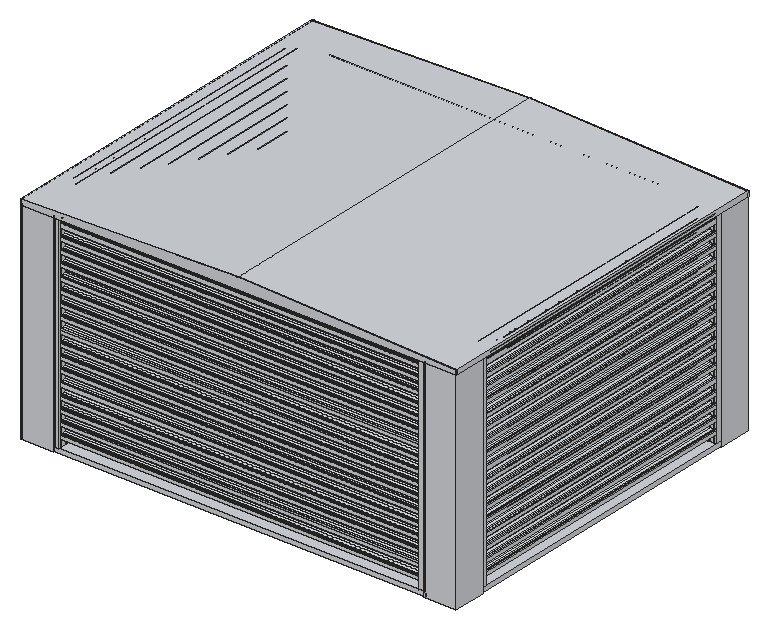
Revit family "PSED-5.1", category Mechanical Equipment, Revit 2015
Parameters
  URL = "https://unitedenertech.com/catalog/pdf/B_4%20PSED-5.1.pdf"
  Type Comments = "Louvers will split to Multi Section Assemblies if Max. Sizes are Exceeded. See SED-5.1 Submittal for Max. Size Listings."
  Model = "PSED-5.1"
  Manufacturer = "United Enertech Corporation"
  Louver Height [instance] = Height  # 3' - 0"
  Louver B Width [instance] = B + 0' 3"  # 4' - 3"
  Louver A Width [instance] = A + 0' 3"  # 5' - 3"
  Keynote = "Max. Preassembled Size is 72\"w x 220\"l x 80\"h"
  Height = 3' - 0"
  Description = "High Performance Penthouse 5\""
  B Roof [instance] = B Side O.D. + 0' 0 1/4"  # 5' - 1 1/2"
  B Side O.D. [instance] = Louver B Width + 0' 10 1/4"  # 5' - 1 1/4"
  B = 4' - 0"
  A Roof [instance] = A Side O.D. + 0' 0 1/4"  # 6' - 1 1/2"
  A Side O.D. [instance] = Louver A Width + 0' 10 1/4"  # 6' - 1 1/4"
  A = 5' - 0"
Reference planes (in)
  plane 1 "Center (Front/Back)": y = 0
  plane 2: z = 0
  plane 3 "Center (Left/Right)": x = 0
  plane 4: x = -36.625
  plane 5: y = 30.625
  plane 6: x = 36.625
  plane 7: y = -30.625
  plane 8: z = 18
  plane 9: z = 54.22
  plane 10: z = 18.22
  plane 11: y = 24
  plane 12: y = -24
  plane 13: x = -30
  plane 14: x = 30
Forms (in)
  Extrusion 1, solid
    sketch origin (39.9625, 19.9659, 0) x (1, 0, 0) y (0, 1, 0)
      loop
        line (-76.6775, 5.2491) -> (-76.5875, 5.2491) -> (-76.5875, 10.6591) -> (-71.1775, 10.6591) -> (-71.1775, 10.7491) -> (-76.6775, 10.7491) -> (-76.6775, 5.2491)
    from 18.22 to 54.22
  Extrusion 2, solid
    sketch origin (-39.9625, 19.9659, 0) x (-1, 0, 0) y (0, -1, 0)
      loop
        line (-76.6775, -5.2491) -> (-76.6775, -10.7491) -> (-71.1775, -10.7491) -> (-71.1775, -10.6591) -> (-76.5875, -10.6591) -> (-76.5875, -5.2491) -> (-76.6775, -5.2491)
    from 18.22 to 54.22
  Extrusion 3, solid
    sketch origin (39.9625, -19.9659, 0) x (1, 0, 0) y (0, 1, 0)
      loop
        line (-76.6775, -5.2491) -> (-76.6775, -10.7491) -> (-71.1775, -10.7491) -> (-71.1775, -10.6591) -> (-76.5875, -10.6591) -> (-76.5875, -5.2491) -> (-76.6775, -5.2491)
    from 18.22 to 54.22
  Extrusion 4, solid
    sketch origin (-39.9625, -19.9659, 0) x (-1, 0, 0) y (0, -1, 0)
      loop
        line (-76.6775, 5.2491) -> (-76.5875, 5.2491) -> (-76.5875, 10.6591) -> (-71.1775, 10.6591) -> (-71.1775, 10.7491) -> (-76.6775, 10.7491) -> (-76.6775, 5.2491)
    from 18.22 to 54.22
Dimensions and locks (in)
  equal spacing: plane 4, plane 3 "Center (Left/Right)", plane 6
  "A Side O.D.": plane 4 to plane 6
  equal spacing: plane 5, plane 1 "Center (Front/Back)", plane 7
  "B Side O.D.": plane 5 to plane 7
  locked: plane 8 to plane 10 at 0.22
  "Height": plane 10 to plane 9
  equal spacing: plane 12, plane 1 "Center (Front/Back)", plane 11
  "B": plane 12 to plane 11
  equal spacing: plane 13, plane 3 "Center (Left/Right)", plane 14
  "A": plane 13 to plane 14
  aligned and locked: level to plane 2
  aligned and locked: plane 10 to Extrusion 1
  aligned and locked: plane 9 to Extrusion 1
  aligned and locked: Extrusion 2 to plane 5
  aligned and locked: plane 7 to Extrusion 3
  aligned and locked: plane 10 to Extrusion 2
  aligned and locked: plane 9 to Extrusion 2
  aligned and locked: plane 10 to Extrusion 3
  aligned and locked: plane 9 to Extrusion 3
  aligned and locked: plane 10 to Extrusion 4
  aligned and locked: plane 9 to Extrusion 4
  aligned and locked: plane 1 "Center (Front/Back)" to nested 1
  aligned and locked: plane 3 "Center (Left/Right)" to nested 1
  aligned and locked: plane 9 to nested 1
  aligned and locked: plane 3 "Center (Left/Right)" to nested 3
  aligned and locked: plane 11 to nested 3
  aligned and locked: nested 4 to plane 12
  aligned and locked: plane 1 "Center (Front/Back)" to nested 2
  aligned and locked: plane 14 to nested 2
  aligned and locked: nested 5 to plane 13
  aligned and locked: nested 4 to plane 8
  aligned and locked: nested 5 to plane 8
  aligned and locked: plane 8 to nested 3
  aligned and locked: plane 8 to nested 2
  aligned and locked: plane 3 "Center (Left/Right)" to nested 6
  aligned and locked: nested 6 to plane 7
  aligned and locked: plane 10 to nested 6
  aligned and locked: nested 7 to plane 1 "Center (Front/Back)"
  aligned and locked: plane 6 to nested 7
  aligned and locked: plane 10 to nested 7
  aligned and locked: plane 10 to nested 9
  aligned and locked: plane 10 to nested 8
  aligned and locked: plane 1 "Center (Front/Back)" to nested 9
  aligned and locked: plane 4 to nested 9
  aligned and locked: nested 8 to plane 3 "Center (Left/Right)"
  aligned and locked: plane 5 to nested 8
Automatic sketch dimensions
  Extrusion 1 sketch curve to plane 4 = 0' - 0"
  Extrusion 1 sketch curve to plane 5 = 0' - 0"
  Extrusion 1 sketch curve to Extrusion 1 sketch curve = 0' - 0.09"
  plane 5 to Extrusion 1 sketch curve = 0' - 0.09"
  Extrusion 2 sketch curve to plane 5 = 0' - 0"
  Extrusion 2 sketch curve to plane 6 = 0' - 0"
  Extrusion 2 sketch curve to Extrusion 2 sketch curve = 0' - 0.09"
  Extrusion 2 sketch curve to plane 5 = 0' - 0.09"
  Extrusion 3 sketch curve to plane 4 = 0' - 0"
  Extrusion 3 sketch curve to plane 7 = 0' - 0"
  Extrusion 3 sketch curve to Extrusion 3 sketch curve = 0' - 0.09"
  plane 7 to Extrusion 3 sketch curve = 0' - 0.09"
  Extrusion 4 sketch curve to plane 6 = 0' - 0"
  Extrusion 4 sketch curve to plane 7 = 0' - 0"
  Extrusion 4 sketch curve to Extrusion 4 sketch curve = 0' - 0.09"
  Extrusion 4 sketch curve to plane 7 = 0' - 0.09"
  Extrusion 3 sketch curve to plane 7 = 0' - 5.41"
  plane 7 to Extrusion 4 sketch curve = 0' - 5.41"
  Extrusion 1 sketch curve to plane 5 = 0' - 5.41"
  plane 5 to Extrusion 2 sketch curve = 0' - 5.41"
  plane 6 to Extrusion 2 sketch curve = 0' - 5.41"
  Extrusion 4 sketch curve to plane 6 = 0' - 5.41"
  Extrusion 1 sketch curve to plane 4 = 0' - 5.41"
  plane 4 to Extrusion 3 sketch curve = 0' - 5.41"
Nested families (in)
  nested 1: "Roof" at (0, 0, 53.72), type "Roof"
    with B 5' - 1 1/2", A 6' - 1 1/2"
  nested 2: "Curb Cap Side 2" at (34.875, 0, -0.21007) x (0, -1, 0) z (0, 0, 1), type "Curb Cap Side 2"
    with Width 4' - 0"
  nested 3: "Curb Cap" at (0, 28.875, -0.21007), type "Curb Cap"
  nested 4: "Curb Cap" at (0, -28.875, -0.21007), type "Curb Cap"
  nested 5: "Curb Cap Side 2" at (-34.875, 0, -0.21007) x (0, -1, 0) z (0, 0, 1), type "Curb Cap Side 2"
    with Width 4' - 0"
  nested 6: "DCSED-5.1" at (0, -30.625, 18.22), type "DCSED-5.1"
    with Blade Number 16, BW 5' - 0 7/8", Exact Width 5' - 3", Exact Height 3' - 0"
  nested 7: "Louver 2" at (36.625, 0, 18.22) x (0, 1, 0) z (0, 0, 1), type "Louver 2"
    with Blade Number 16, BW 4' - 0 7/8", Exact Width 4' - 3", Exact Height 3' - 0"
  nested 8: "DCSED-5.1" at (0, 30.625, 18.22) x (-1, 0, 0) z (0, 0, 1), type "DCSED-5.1"
    with Blade Number 16, BW 5' - 0 7/8", Exact Width 5' - 3", Exact Height 3' - 0"
  nested 9: "Louver 2" at (-36.625, 0, 18.22) x (0, -1, 0) z (0, 0, 1), type "Louver 2"
    with Blade Number 16, BW 4' - 0 7/8", Exact Width 4' - 3", Exact Height 3' - 0"
Definition of nested family "Roof"
  Parameters (values of type "Roof")
    B = 6' - 0"
    A = 7' - 0"
  Reference planes (in)
    plane 1 "Center (Front/Back)": y = 0
    plane 2: z = 0
    plane 3 "Center (Left/Right)": x = 0
    plane 4: x = -42
    plane 5: x = 42
    plane 6: y = -36
    plane 7: y = 36
    plane 8: z = 0.5
    plane 9: z = 2
    plane 10: y = -36.05
    plane 11: y = 36.05
    plane 12: x = -42.05
    plane 13: x = 42.05
  Forms (in)
    Extrusion 1, solid
      sketch origin (0, 0, 0) x (-1, 0, 0) y (0, 0, -1)
        loop
          line (42, 0) -> (42, -0.75115) -> (0, -1.94916) -> (-42, -0.75115) -> (-42, 0) -> (-42.05078, 0) -> (-42.05078, -0.79946) -> (0, -2) -> (42.05078, -0.79946) -> (42.05078, 0) -> (42, 0)
      from -36.05 to 36.05
    Extrusion 2, solid
      sketch origin (0, 0, 0) x (1, 0, 0) y (0, 0, 1)
        loop
          line (42, 0) -> (42.05078, 0) -> (42.05078, 0.79946) -> (0, 2) -> (-42.05078, 0.79946) -> (-42.05078, 0) -> (-42, 0) -> (42, 0)
      from -36.05 to -36
    Extrusion 3, solid
      sketch origin (0, 0, 0) x (1, 0, 0) y (0, 0, -1)
        loop
          line (42, 0) -> (-42, 0) -> (-42.05078, 0) -> (-42.05078, -0.79946) -> (0, -2) -> (42.05078, -0.79946) -> (42.05078, 0) -> (42, 0)
      from -36 to -36.05
  Dimensions and locks (in)
    equal spacing: plane 4, plane 3 "Center (Left/Right)", plane 5
    "A": plane 4 to plane 5
    equal spacing: plane 7, plane 1 "Center (Front/Back)", plane 6
    "B": plane 7 to plane 6
    locked: plane 8 to level at 0.5
    locked: plane 9 to plane 8 at 1.5
    locked: plane 10 to plane 6 at 0.05
    locked: plane 11 to plane 7 at 0.05
    locked: plane 12 to plane 4 at 0.05
    locked: plane 5 to plane 13 at 0.05
    aligned and locked: level to plane 2
    aligned and locked: plane 10 to Extrusion 1
    aligned and locked: Extrusion 1 to plane 11
    aligned and locked: Extrusion 2 to plane 11
    aligned and locked: Extrusion 2 to plane 7
    aligned and locked: plane 10 to Extrusion 3
    aligned and locked: plane 6 to Extrusion 3
  Automatic sketch dimensions
    Extrusion 1 sketch curve to level = 0' - 0"  (x2)
    Extrusion 1 sketch curve to plane 5 = 0' - 0"
    Extrusion 1 sketch curve to plane 3 "Center (Left/Right)" = 0' - 0"  (x2)
    Extrusion 1 sketch curve to plane 4 = 0' - 0"
    Extrusion 1 sketch curve to plane 9 = 0' - 0"
    Extrusion 1 sketch curve to plane 13 = 0' - 0.00078"
    Extrusion 1 sketch curve to plane 12 = 0' - 0.00078"
    Extrusion 1 sketch curve to Extrusion 1 sketch curve = 0' - 0.05084"
    plane 8 to Extrusion 1 sketch curve = 0' - 0.29946"  (x2)
    Extrusion 1 sketch curve to Extrusion 1 sketch curve = 0' - 0.04831"  (x2)
    Extrusion 2 sketch curve to level = 0' - 0"
    Extrusion 2 sketch curve to plane 4 = 0' - 0"
    Extrusion 2 sketch curve to plane 3 "Center (Left/Right)" = 0' - 0"
    Extrusion 2 sketch curve to plane 5 = 0' - 0"
    Extrusion 2 sketch curve to plane 9 = 0' - 0"
    Extrusion 2 sketch curve to plane 12 = 0' - 0.00078"
    Extrusion 2 sketch curve to plane 13 = 0' - 0.00078"
    plane 8 to Extrusion 2 sketch curve = 0' - 0.29946"  (x2)
    Extrusion 3 sketch curve to level = 0' - 0"
    Extrusion 3 sketch curve to plane 4 = 0' - 0"
    Extrusion 3 sketch curve to plane 3 "Center (Left/Right)" = 0' - 0"
    Extrusion 3 sketch curve to plane 5 = 0' - 0"
    Extrusion 3 sketch curve to plane 9 = 0' - 0"
    Extrusion 3 sketch curve to plane 12 = 0' - 0.00078"
    Extrusion 3 sketch curve to plane 13 = 0' - 0.00078"
    plane 8 to Extrusion 3 sketch curve = 0' - 0.29946"  (x2)
Definition of nested family "Curb Cap Side 2"
  Parameters (values of type "Curb Cap Side 2")
    Width = 5' - 0"
    C = 1' - 6"
  Reference planes (in)
    plane 1 "Center (Front/Back)": y = 0
    plane 2: z = 0
    plane 3 "Center (Left/Right)": x = 0
    plane 4: x = -30
    plane 5: x = 30
    plane 6: x = 33
    plane 7: x = -33
  Forms (in)
    Extrusion 1, solid
      sketch origin (0, -0.3745, -0.23056) x (0, 1, 0) y (0, 0, 1)
        loop
          line (-4.5005, 18.44062) -> (-4.5005, 21.44062) -> (-4.6051, 21.44062) -> (-4.6051, 18.33516) -> (-2.35597, 18.33516) -> (-2.35597, 16.33516) -> (-2.2505, 16.33516) -> (-2.2505, 18.44062) -> (-4.5005, 18.44062)
      from -33 to 33
    Extrusion 2, void
      sketch origin (0, -4.875, 0) x (1, 0, 0) y (0, 1, 0)
        loop
          line (-33, 3) -> (-33, -10.08148) -> (-19.91852, -10.08148) -> (-33, 3)
      from 0 to 87.42667
    Extrusion 3, void
      sketch origin (0, -4.875, 0) x (-1, 0, 0) y (0, -1, 0)
        loop
          line (-33, -3) -> (-19.91852, 10.08148) -> (-33, 10.08148) -> (-33, -3)
      from 0 to 87.42667
  Cuts and joins
    Extrusion 2, Extrusion 3 cuts Extrusion 1
  Dimensions and locks (in)
    equal spacing: plane 4, plane 3 "Center (Left/Right)", plane 5
    "Width": plane 4 to plane 5
    locked: plane 5 to plane 6 at 3
    locked: plane 7 to plane 4 at 3
    angle Extrusion 2 sketch curve to Extrusion 2 sketch curve = 45.00°
    angle Extrusion 3 sketch curve to Extrusion 3 sketch curve = 45.00°
    aligned and locked: level to plane 2
    aligned and locked: plane 7 to Extrusion 2 sketch curve
    aligned and locked: Extrusion 3 sketch curve to plane 6
    aligned and locked: cut or joined group of Extrusion 1, Extrusion 2, Extrusion 3 to plane 7
    aligned and locked: cut or joined group of Extrusion 1, Extrusion 2, Extrusion 3 to plane 6
  Automatic sketch dimensions
    plane 4 to Extrusion 2 sketch curve = 0' - 10.08148"
    plane 1 "Center (Front/Back)" to Extrusion 2 sketch curve = 1' - 2.95648"
    plane 5 to Extrusion 3 sketch curve = 0' - 10.08148"
    Extrusion 3 sketch curve to plane 1 "Center (Front/Back)" = 1' - 2.95648"
    plane 1 "Center (Front/Back)" to Extrusion 1 sketch curve = 0' - 4.9796"
    Extrusion 1 sketch curve to Extrusion 1 sketch curve = 0' - 0.1046"
    Extrusion 1 sketch curve to Extrusion 1 sketch curve = 0' - 2 37/256"
    Extrusion 1 sketch curve to Extrusion 1 sketch curve = 0' - 0 27/256"  (x2)
    level to Extrusion 1 sketch curve = 1' - 6.1046"
    Extrusion 1 sketch curve to Extrusion 1 sketch curve = 0' - 3"
    Extrusion 1 sketch curve to Extrusion 1 sketch curve = 0' - 2"
Definition of nested family "Curb Cap"
  Parameters (values of type "Curb Cap")
    Width = 5' - 0"
    C = 1' - 6"
  Reference planes (in)
    plane 1 "Center (Front/Back)": y = 0
    plane 2: z = 0
    plane 3 "Center (Left/Right)": x = 0
    plane 4: x = -30
    plane 5: x = 30
    plane 6: x = 33
    plane 7: x = -33
  Forms (in)
    Extrusion 1, solid
      sketch origin (0, -0.3745, -0.23056) x (0, 1, 0) y (0, 0, 1)
        loop
          line (-4.5005, 18.44062) -> (-4.5005, 21.44062) -> (-4.6051, 21.44062) -> (-4.6051, 18.33516) -> (-2.35597, 18.33516) -> (-2.35597, 16.33516) -> (-2.2505, 16.33516) -> (-2.2505, 18.44062) -> (-4.5005, 18.44062)
      from -33 to 33
    Extrusion 2, void
      sketch origin (0, -4.875, 0) x (1, 0, 0) y (0, 1, 0)
        loop
          line (-33, 3) -> (-33, -10.08148) -> (-19.91852, -10.08148) -> (-33, 3)
      from 0 to 87.42667
    Extrusion 3, void
      sketch origin (0, -4.875, 0) x (-1, 0, 0) y (0, -1, 0)
        loop
          line (-33, -3) -> (-19.91852, 10.08148) -> (-33, 10.08148) -> (-33, -3)
      from 0 to 87.42667
  Cuts and joins
    Extrusion 2, Extrusion 3 cuts Extrusion 1
  Dimensions and locks (in)
    equal spacing: plane 4, plane 3 "Center (Left/Right)", plane 5
    "Width": plane 4 to plane 5
    locked: plane 5 to plane 6 at 3
    locked: plane 7 to plane 4 at 3
    angle Extrusion 2 sketch curve to Extrusion 2 sketch curve = 45.00°
    angle Extrusion 3 sketch curve to Extrusion 3 sketch curve = 45.00°
    aligned and locked: level to plane 2
    aligned and locked: plane 7 to Extrusion 2 sketch curve
    aligned and locked: Extrusion 3 sketch curve to plane 6
    aligned and locked: cut or joined group of Extrusion 1, Extrusion 2, Extrusion 3 to plane 7
    aligned and locked: cut or joined group of Extrusion 1, Extrusion 2, Extrusion 3 to plane 6
  Automatic sketch dimensions
    plane 4 to Extrusion 2 sketch curve = 0' - 10.08148"
    plane 1 "Center (Front/Back)" to Extrusion 2 sketch curve = 1' - 2.95648"
    plane 5 to Extrusion 3 sketch curve = 0' - 10.08148"
    Extrusion 3 sketch curve to plane 1 "Center (Front/Back)" = 1' - 2.95648"
    plane 1 "Center (Front/Back)" to Extrusion 1 sketch curve = 0' - 4.9796"
    Extrusion 1 sketch curve to Extrusion 1 sketch curve = 0' - 0.1046"
    Extrusion 1 sketch curve to Extrusion 1 sketch curve = 0' - 2 37/256"
    Extrusion 1 sketch curve to Extrusion 1 sketch curve = 0' - 0 27/256"  (x2)
    level to Extrusion 1 sketch curve = 1' - 6.1046"
    Extrusion 1 sketch curve to Extrusion 1 sketch curve = 0' - 3"
    Extrusion 1 sketch curve to Extrusion 1 sketch curve = 0' - 2"
Definition of nested family "DCSED-5.1"
  Parameters (values of type "DCSED-5.1")
    URL = "http://unitedenertech.com/catalog/pdf/A_23%20DCSED-5.1.pdf"
    Type Comments = "Max. Single Section Size is (72\"w x 120\"h up to 60psf) and (72\"w x 84\"h up to 150 psf)"
    Model = "DCSED-5.1"
    Manufacturer = "United Enertech Corporation"
    Exact Width = 4' - 0"
    Exact Height = 4' - 0"
    Description = "5\" Deep Wind Driven Rain Hurricane Louver"
    Depth = 0' - 5 3/32"
    Blade Spacing = 0' - 2"
    Blade Number [instance] = rounddown((Exact Height - 0' 2 7/16") / 0' 2")  # 22
    BW [instance] = Exact Width - 0' 2 1/8"  # 3' - 9 7/8"
  Reference planes (in)
    plane 1 "Center (Front/Back)": y = 0
    plane 2: z = 0
    plane 3 "Center (Left/Right)": x = 0
    plane 4: x = -24
    plane 5: x = 24
    plane 6: z = 48
    plane 7: x = -22.9375
    plane 8: x = 22.9375
    plane 9: z = 0.75
    plane 10: y = 5.09375
    plane 11: z = 46.3209
  Forms (in)
    Extrusion 1, solid
      sketch origin (-6.10759, 42.81218, 0) x (0, 1, 0) y (-1, 0, 0)
        loop
          line (-42.73018, 16.79991) -> (-42.73018, 17.54241) -> (-42.48018, 17.54241) -> (-42.48018, 16.82996) -> (-42.41736, 16.82996) -> (-42.41736, 17.15416) -> (-42.24218, 17.15416) -> (-42.24218, 16.82991) -> (-41.47643, 16.82991) -> (-41.47643, 17.15405) -> (-41.32043, 17.15405) -> (-41.32043, 16.82976) -> (-41.25793, 16.82976) -> (-41.25793, 17.15405) -> (-41.10193, 17.15405) -> (-41.10193, 16.82976) -> (-41.03943, 16.82976) -> (-41.03943, 17.15405) -> (-40.88343, 17.15405) -> (-40.88343, 16.82976) -> (-40.82093, 16.82976) -> (-40.82093, 17.15405) -> (-40.66493, 17.15405) -> (-40.66493, 16.82976) -> (-40.60243, 16.82976) -> (-40.60243, 17.15405) -> (-40.44643, 17.15405) -> (-40.44643, 16.82976) -> (-40.38393, 16.82976) -> (-40.38393, 17.15405) -> (-40.22793, 17.15405) -> (-40.22793, 16.82976) -> (-40.16543, 16.82976) -> (-40.16543, 17.15405) -> (-40.00943, 17.15405) -> (-40.00943, 16.82976) -> (-39.94693, 16.82976) -> (-39.94693, 17.15405) -> (-39.79093, 17.15405) -> (-39.79093, 16.82976) -> (-39.72843, 16.82976) -> (-39.72843, 17.15405) -> (-39.57243, 17.15405) -> (-39.57243, 16.82976) -> (-39.50993, 16.82976) -> (-39.50993, 17.15405) -> (-39.35393, 17.15405) -> (-39.35393, 16.82976) -> (-39.29143, 16.82976) -> (-39.29143, 17.15405) -> (-39.13543, 17.15405) -> (-39.13543, 16.82991) -> (-38.36968, 16.82991) -> (-38.36968, 17.15416) -> (-38.19449, 17.15416) -> (-38.19449, 16.82996) -> (-38.13168, 16.82996) -> (-38.13168, 17.15416) -> (-37.88918, 17.15416) -> (-37.88918, 16.79991) -> (-37.80718, 16.79991) -> (-37.80718, 17.89241) -> (-37.99468, 17.89241) -> (-37.99468, 17.81041) -> (-37.88918, 17.81041) -> (-37.88918, 17.23616) -> (-38.45168, 17.23616) -> (-38.45168, 16.9118) -> (-39.05343, 16.9118) -> (-39.05343, 17.23605) -> (-41.55843, 17.23605) -> (-41.55843, 16.91191) -> (-42.16018, 16.91191) -> (-42.16018, 17.23616) -> (-42.39818, 17.23616) -> (-42.39818, 17.54241) -> (-42.23018, 17.54241) -> (-42.23018, 17.86241) -> (-42.31218, 17.86241) -> (-42.31218, 17.79341) -> (-42.37318, 17.79341) -> (-42.37318, 17.71241) -> (-42.31218, 17.71241) -> (-42.31218, 17.62441) -> (-42.70918, 17.62441) -> (-42.70918, 17.71241) -> (-42.59618, 17.71241) -> (-42.59618, 17.79341) -> (-42.81218, 17.79341) -> (-42.81218, 16.79991) -> (-42.73018, 16.79991)
      from 0.75 to 48
    Extrusion 2, solid
      sketch origin (6.10759, 42.81218, 0) x (0, 1, 0) y (-1, 0, 0)
        loop
          line (-42.73018, -16.79991) -> (-42.81218, -16.79991) -> (-42.81218, -17.79341) -> (-42.59618, -17.79341) -> (-42.59618, -17.71241) -> (-42.70918, -17.71241) -> (-42.70918, -17.62441) -> (-42.31218, -17.62441) -> (-42.31218, -17.71241) -> (-42.37318, -17.71241) -> (-42.37318, -17.79341) -> (-42.31218, -17.79341) -> (-42.31218, -17.86241) -> (-42.23018, -17.86241) -> (-42.23018, -17.54241) -> (-42.39818, -17.54241) -> (-42.39818, -17.23616) -> (-42.16018, -17.23616) -> (-42.16018, -16.91191) -> (-41.55843, -16.91191) -> (-41.55843, -17.23605) -> (-39.05343, -17.23605) -> (-39.05343, -16.9118) -> (-38.45168, -16.9118) -> (-38.45168, -17.23616) -> (-37.88918, -17.23616) -> (-37.88918, -17.81041) -> (-37.99468, -17.81041) -> (-37.99468, -17.89241) -> (-37.80718, -17.89241) -> (-37.80718, -16.79991) -> (-37.88918, -16.79991) -> (-37.88918, -17.15416) -> (-38.13168, -17.15416) -> (-38.13168, -16.82996) -> (-38.19449, -16.82996) -> (-38.19449, -17.15416) -> (-38.36968, -17.15416) -> (-38.36968, -16.82991) -> (-39.13543, -16.82991) -> (-39.13543, -17.15405) -> (-39.29143, -17.15405) -> (-39.29143, -16.82976) -> (-39.35393, -16.82976) -> (-39.35393, -17.15405) -> (-39.50993, -17.15405) -> (-39.50993, -16.82976) -> (-39.57243, -16.82976) -> (-39.57243, -17.15405) -> (-39.72843, -17.15405) -> (-39.72843, -16.82976) -> (-39.79093, -16.82976) -> (-39.79093, -17.15405) -> (-39.94693, -17.15405) -> (-39.94693, -16.82976) -> (-40.00943, -16.82976) -> (-40.00943, -17.15405) -> (-40.16543, -17.15405) -> (-40.16543, -16.82976) -> (-40.22793, -16.82976) -> (-40.22793, -17.15405) -> (-40.38393, -17.15405) -> (-40.38393, -16.82976) -> (-40.44643, -16.82976) -> (-40.44643, -17.15405) -> (-40.60243, -17.15405) -> (-40.60243, -16.82976) -> (-40.66493, -16.82976) -> (-40.66493, -17.15405) -> (-40.82093, -17.15405) -> (-40.82093, -16.82976) -> (-40.88343, -16.82976) -> (-40.88343, -17.15405) -> (-41.03943, -17.15405) -> (-41.03943, -16.82976) -> (-41.10193, -16.82976) -> (-41.10193, -17.15405) -> (-41.25793, -17.15405) -> (-41.25793, -16.82976) -> (-41.32043, -16.82976) -> (-41.32043, -17.15405) -> (-41.47643, -17.15405) -> (-41.47643, -16.82991) -> (-42.24218, -16.82991) -> (-42.24218, -17.15416) -> (-42.41736, -17.15416) -> (-42.41736, -16.82996) -> (-42.48018, -16.82996) -> (-42.48018, -17.54241) -> (-42.73018, -17.54241) -> (-42.73018, -16.79991)
      from 0.75 to 48
    Extrusion 3, solid
      sketch origin (-26.58389, 42.58326, -5.10848) x (0, 1, 0) y (0, 0, 1)
        loop
          line (-37.48951, 8.10848) -> (-37.57151, 8.10848) -> (-37.57151, 5.85848) -> (-42.58326, 5.85848) -> (-42.58326, 5.17748) -> (-42.36726, 5.17748) -> (-42.36726, 5.25848) -> (-42.48026, 5.25848) -> (-42.48026, 5.34648) -> (-42.08326, 5.34648) -> (-42.08326, 5.25848) -> (-42.14426, 5.25848) -> (-42.14426, 5.17748) -> (-42.08326, 5.17748) -> (-42.08326, 5.10848) -> (-42.00126, 5.10848) -> (-42.00126, 5.42848) -> (-42.50126, 5.42848) -> (-42.50126, 5.77648) -> (-37.57151, 5.77648) -> (-37.57151, 5.19048) -> (-37.67701, 5.19048) -> (-37.67701, 5.10848) -> (-37.48951, 5.10848) -> (-37.48951, 8.10848)
      from 2.58389 to 50.58389
    Extrusion 4, solid
      sketch origin (0, -13.03373, 11.15188) x (0, 1, 0) y (0, 0, 1)
        loop
          line (18.04373, 36.84812) -> (17.85623, 36.84812) -> (17.85623, 36.76612) -> (17.96173, 36.76612) -> (17.96173, 35.47325) -> (17.77373, 35.47325) -> (17.28829, 35.75352) -> (17.32598, 35.84449) -> (17.31816, 35.93867) -> (17.26214, 36.00955) -> (17.19338, 36.03718) -> (17.09685, 36.02726) -> (16.90034, 36.18916) -> (16.41745, 36.34694) -> (16.33346, 36.42566) -> (16.21476, 36.52271) -> (16.07706, 36.59693) -> (15.95515, 36.63717) -> (15.83232, 36.65736) -> (15.72266, 36.65736) -> (15.60371, 36.64471) -> (15.4419, 36.59444) -> (15.26243, 36.48818) -> (15.15395, 36.38606) -> (15.03667, 36.25948) -> (14.84451, 36.09187) -> (14.62609, 35.94632) -> (14.56692, 35.92725) -> (14.53085, 35.93806) -> (14.45628, 35.98636) -> (14.31943, 36.05146) -> (14.18483, 36.09021) -> (14.04052, 36.10764) -> (13.86091, 36.10909) -> (13.69791, 36.14893) -> (13.52458, 36.24785) -> (13.39263, 36.38824) -> (13.31585, 36.52721) -> (13.80323, 36.52721) -> (13.80323, 36.84812) -> (13.72123, 36.84812) -> (13.72123, 36.77912) -> (13.66023, 36.77912) -> (13.66023, 36.69812) -> (13.72123, 36.69812) -> (13.72123, 36.61012) -> (13.32423, 36.61012) -> (13.32423, 36.69812) -> (13.43723, 36.69812) -> (13.43723, 36.77912) -> (13.22123, 36.77912) -> (13.22274, 36.55749) -> (13.26662, 36.44391) -> (13.35293, 36.30588) -> (13.47394, 36.18487) -> (13.62086, 36.09374) -> (13.79539, 36.03718) -> (13.95094, 36.02408) -> (14.12475, 36.01858) -> (14.30814, 35.96896) -> (14.43077, 35.90522) -> (14.4574, 35.8591) -> (14.24043, 35.77558) -> (14.05378, 35.70179) -> (13.85981, 35.60044) -> (13.67722, 35.47787) -> (13.51638, 35.34274) -> (13.36799, 35.18846) -> (13.30323, 35.11064) -> (13.30323, 35.64958) -> (13.32536, 35.68828) -> (13.35306, 35.71598) -> (13.30144, 35.7676) -> (13.25438, 35.73327) -> (13.22445, 35.68945) -> (13.22123, 35.57979) -> (13.22123, 34.86262) -> (13.42117, 35.12451) -> (13.59406, 35.2974) -> (13.77486, 35.44764) -> (13.92166, 35.54165) -> (14.0716, 35.61913) -> (14.24521, 35.69049) -> (14.60078, 35.83874) -> (14.85128, 35.99466) -> (15.07703, 36.18422) -> (15.29772, 36.41136) -> (15.51284, 36.53438) -> (15.68029, 36.57374) -> (15.82472, 36.57374) -> (16.0149, 36.53332) -> (16.1814, 36.44617) -> (16.30258, 36.33942) -> (16.36963, 36.27237) -> (16.85685, 36.11691) -> (17.10123, 35.91624) -> (17.15415, 35.95536) -> (17.2276, 35.93124) -> (17.24552, 35.86049) -> (17.21227, 35.81355) -> (17.16249, 35.78481) -> (17.19159, 35.71467) -> (17.75249, 35.39083) -> (17.96173, 35.39083) -> (17.96173, 35.069) -> (17.61878, 35.1609) -> (17.59731, 35.08077) -> (18.04373, 34.96115) -> (18.04373, 36.84812)
      from -22.9375 to 22.9375
  Dimensions and locks (in)
    equal spacing: plane 4, plane 3 "Center (Left/Right)", plane 5
    "Exact Width": plane 4 to plane 5
    "Exact Height": plane 6 to level
    locked: plane 4 to plane 7 at 1.0625
    locked: plane 8 to plane 5 at 1.0625
    locked: plane 9 to level at 0.75
    "Depth": plane 1 "Center (Front/Back)" to plane 10
    locked: plane 6 to plane 11 at 1.6791
    equal spacing: group 1, group 2, group 3, group 4, group 5, group 6, group 7, group 8, group 9, group 10, group 11, group 12, group 13, group 14, group 15, group 16, group 17, group 18, group 19, group 20, group 21, group 22  (x2)
    equal spacing: group 22, group 21, group 20, group 19, group 18, group 17, group 16, group 15, group 14, group 13, group 12, group 11, group 10, group 9, group 8, group 7, group 6, group 5, group 4, group 3, group 2, group 1
    "Blade Spacing": nested 1 to nested 2
    aligned and locked: level to plane 2
    aligned and locked: Extrusion 1 to plane 9
    aligned and locked: Extrusion 2 to plane 9
    aligned and locked: plane 5 to Extrusion 3
    aligned and locked: plane 4 to Extrusion 3
    aligned and locked: plane 6 to Extrusion 4
    aligned and locked: Extrusion 4 to plane 7
    aligned and locked: plane 8 to Extrusion 4
    aligned and locked: plane 6 to Extrusion 1
    aligned and locked: plane 6 to Extrusion 2
    aligned and locked: plane 3 "Center (Left/Right)" to nested 1
    aligned and locked: plane 11 to nested 1
    aligned and locked: nested 2 to nested 1
  Automatic sketch dimensions
    plane 1 "Center (Front/Back)" to Extrusion 1 sketch curve = 0' - 0"
    Extrusion 1 sketch curve to plane 4 = 0' - 0"
    Extrusion 1 sketch curve to plane 1 "Center (Front/Back)" = 0' - 0.082"
    Extrusion 1 sketch curve to Extrusion 1 sketch curve = 0' - 0.021"
    Extrusion 1 sketch curve to Extrusion 1 sketch curve = 0' - 0.113"
    Extrusion 1 sketch curve to Extrusion 1 sketch curve = 0' - 0.116"
    Extrusion 1 sketch curve to Extrusion 1 sketch curve = 0' - 0.06281"  (x2)
    Extrusion 1 sketch curve to Extrusion 1 sketch curve = 0' - 0.082"  (x14)
    Extrusion 1 sketch curve to plane 4 = 0' - 0.099"  (x2)
    Extrusion 1 sketch curve to Extrusion 1 sketch curve = 0' - 0.223"
    Extrusion 1 sketch curve to plane 4 = 0' - 0.03"
    Extrusion 1 sketch curve to Extrusion 1 sketch curve = 0' - 0.061"  (x2)
    Extrusion 1 sketch curve to Extrusion 1 sketch curve = 0' - 0.17519"  (x2)
    Extrusion 1 sketch curve to Extrusion 1 sketch curve = 0' - 0.60175"  (x2)
    Extrusion 1 sketch curve to Extrusion 1 sketch curve = 0' - 0.156"  (x11)
    Extrusion 1 sketch curve to Extrusion 1 sketch curve = 0' - 0 1/16"  (x10)
    Extrusion 1 sketch curve to plane 4 = 0' - 0.082"
    Extrusion 1 sketch curve to Extrusion 1 sketch curve = 0' - 0.137"
    Extrusion 1 sketch curve to Extrusion 1 sketch curve = 0' - 0.2425"
    Extrusion 1 sketch curve to Extrusion 1 sketch curve = 0' - 0"  (x19)
    Extrusion 1 sketch curve to Extrusion 1 sketch curve = 0' - 0.081"  (x2)
    Extrusion 1 sketch curve to Extrusion 1 sketch curve = 0' - 0.088"
    Extrusion 1 sketch curve to Extrusion 1 sketch curve = 0' - 0.30625"
    Extrusion 1 sketch curve to plane 4 = 0' - 0 21/32"
    Extrusion 1 sketch curve to Extrusion 1 sketch curve = 0' - 0.00012"
    Extrusion 1 sketch curve to Extrusion 1 sketch curve = 0' - 0.24225"
    Extrusion 1 sketch curve to Extrusion 1 sketch curve = 0' - 0.24237"
    Extrusion 1 sketch curve to Extrusion 1 sketch curve = 0' - 0 83/256"
    Extrusion 1 sketch curve to Extrusion 1 sketch curve = 0' - 0.08195"
    Extrusion 1 sketch curve to Extrusion 1 sketch curve = 0' - 0.08188"
    Extrusion 1 sketch curve to Extrusion 1 sketch curve = 0' - 0.32429"
    Extrusion 1 sketch curve to Extrusion 1 sketch curve = 0' - 0.00016"
    Extrusion 1 sketch curve to Extrusion 1 sketch curve = 0' - 0.03005"  (x2)
    plane 1 "Center (Front/Back)" to Extrusion 2 sketch curve = 0' - 0"
    Extrusion 2 sketch curve to plane 5 = 0' - 0"
    plane 1 "Center (Front/Back)" to Extrusion 2 sketch curve = 0' - 0.082"
    Extrusion 2 sketch curve to Extrusion 2 sketch curve = 0' - 0.021"
    Extrusion 2 sketch curve to Extrusion 2 sketch curve = 0' - 0.113"
    Extrusion 2 sketch curve to Extrusion 2 sketch curve = 0' - 0.116"
    Extrusion 2 sketch curve to Extrusion 2 sketch curve = 0' - 0.06281"  (x2)
    Extrusion 2 sketch curve to Extrusion 2 sketch curve = 0' - 0.082"  (x14)
    plane 5 to Extrusion 2 sketch curve = 0' - 0.099"  (x2)
    Extrusion 2 sketch curve to Extrusion 2 sketch curve = 0' - 0.223"
    plane 5 to Extrusion 2 sketch curve = 0' - 0.03"
    Extrusion 2 sketch curve to Extrusion 2 sketch curve = 0' - 0.061"  (x2)
    Extrusion 2 sketch curve to Extrusion 2 sketch curve = 0' - 0.17519"  (x2)
    Extrusion 2 sketch curve to Extrusion 2 sketch curve = 0' - 0.60175"  (x2)
    Extrusion 2 sketch curve to Extrusion 2 sketch curve = 0' - 0.156"  (x11)
    Extrusion 2 sketch curve to Extrusion 2 sketch curve = 0' - 0 1/16"  (x10)
    plane 5 to Extrusion 2 sketch curve = 0' - 0.082"
    Extrusion 2 sketch curve to Extrusion 2 sketch curve = 0' - 0.137"
    Extrusion 2 sketch curve to Extrusion 2 sketch curve = 0' - 0.2425"
    Extrusion 2 sketch curve to Extrusion 2 sketch curve = 0' - 0"  (x19)
    Extrusion 2 sketch curve to Extrusion 2 sketch curve = 0' - 0.081"  (x2)
    Extrusion 2 sketch curve to Extrusion 2 sketch curve = 0' - 0.088"
    Extrusion 2 sketch curve to Extrusion 2 sketch curve = 0' - 0.30625"
    plane 5 to Extrusion 2 sketch curve = 0' - 0 21/32"
    Extrusion 2 sketch curve to Extrusion 2 sketch curve = 0' - 0.00012"
    Extrusion 2 sketch curve to Extrusion 2 sketch curve = 0' - 0.24225"
    Extrusion 2 sketch curve to Extrusion 2 sketch curve = 0' - 0.24237"
    Extrusion 2 sketch curve to Extrusion 2 sketch curve = 0' - 0 83/256"
    Extrusion 2 sketch curve to Extrusion 2 sketch curve = 0' - 0.08195"
    Extrusion 2 sketch curve to Extrusion 2 sketch curve = 0' - 0.08188"
    Extrusion 2 sketch curve to Extrusion 2 sketch curve = 0' - 0.32429"
    Extrusion 2 sketch curve to Extrusion 2 sketch curve = 0' - 0.00016"
    Extrusion 2 sketch curve to Extrusion 2 sketch curve = 0' - 0.03005"  (x2)
    Extrusion 3 sketch curve to plane 1 "Center (Front/Back)" = 0' - 0"
    Extrusion 3 sketch curve to Extrusion 3 sketch curve = 0' - 0.082"  (x6)
    Extrusion 3 sketch curve to Extrusion 3 sketch curve = 0' - 0.021"
    Extrusion 3 sketch curve to Extrusion 3 sketch curve = 0' - 0.113"
    Extrusion 3 sketch curve to Extrusion 3 sketch curve = 0' - 0.223"
    Extrusion 3 sketch curve to Extrusion 3 sketch curve = 0' - 0.061"  (x2)
    Extrusion 3 sketch curve to Extrusion 3 sketch curve = 0' - 4.32425"
    Extrusion 3 sketch curve to Extrusion 3 sketch curve = 0' - 0.1055"
    Extrusion 3 sketch curve to Extrusion 3 sketch curve = 0' - 0"  (x2)
    level to Extrusion 3 sketch curve = 0' - 0"  (x2)
    Extrusion 3 sketch curve to Extrusion 3 sketch curve = 0' - 0.069"
    Extrusion 3 sketch curve to Extrusion 3 sketch curve = 0' - 0.081"  (x2)
    Extrusion 3 sketch curve to Extrusion 3 sketch curve = 0' - 0.088"
    Extrusion 3 sketch curve to Extrusion 3 sketch curve = 0' - 0.586"
    Extrusion 3 sketch curve to Extrusion 3 sketch curve = 0' - 2 1/4"
    Extrusion 4 sketch curve to plane 1 "Center (Front/Back)" = 0' - 0 3/16"
    Extrusion 4 sketch curve to Extrusion 4 sketch curve = 0' - 0"  (x2)
    Extrusion 4 sketch curve to Extrusion 4 sketch curve = 0' - 0.00151"
    Extrusion 4 sketch curve to Extrusion 4 sketch curve = 0' - 0.00322"
    Extrusion 4 sketch curve to Extrusion 4 sketch curve = 0' - 0.02993"
    Extrusion 4 sketch curve to Extrusion 4 sketch curve = 0' - 0.04388"
    Extrusion 4 sketch curve to Extrusion 4 sketch curve = 0' - 0.04706"
    Extrusion 4 sketch curve to Extrusion 4 sketch curve = 0' - 0.07878"
    Extrusion 4 sketch curve to Extrusion 4 sketch curve = 0' - 0.04923"
    Extrusion 4 sketch curve to Extrusion 4 sketch curve = 0' - 0.00838"
    Extrusion 4 sketch curve to Extrusion 4 sketch curve = 0' - 0.02213"
    Extrusion 4 sketch curve to Extrusion 4 sketch curve = 0' - 0.0277"  (x2)
    Extrusion 4 sketch curve to Extrusion 4 sketch curve = 0' - 0.06476"
    Extrusion 4 sketch curve to Extrusion 4 sketch curve = 0' - 0.12601"
    Extrusion 4 sketch curve to Extrusion 4 sketch curve = 0' - 0.05318"
    Extrusion 4 sketch curve to Extrusion 4 sketch curve = 0' - 0.113"
    Extrusion 4 sketch curve to Extrusion 4 sketch curve = 0' - 0.14839"
    Extrusion 4 sketch curve to Extrusion 4 sketch curve = 0' - 0.13195"
    Extrusion 4 sketch curve to Extrusion 4 sketch curve = 0' - 0.07768"
    Extrusion 4 sketch curve to Extrusion 4 sketch curve = 0' - 0.09628"
    Extrusion 4 sketch curve to Extrusion 4 sketch curve = 0' - 0.223"
    Extrusion 4 sketch curve to Extrusion 4 sketch curve = 0' - 0.08317"
    Extrusion 4 sketch curve to Extrusion 4 sketch curve = 0' - 0.07705"
    Extrusion 4 sketch curve to Extrusion 4 sketch curve = 0' - 0.061"  (x2)
    Extrusion 4 sketch curve to Extrusion 4 sketch curve = 0' - 0 25/256"
    Extrusion 4 sketch curve to Extrusion 4 sketch curve = 0' - 0.09748"
    Extrusion 4 sketch curve to Extrusion 4 sketch curve = 0' - 0.082"  (x3)
    Extrusion 4 sketch curve to Extrusion 4 sketch curve = 0' - 0.08495"
    Extrusion 4 sketch curve to Extrusion 4 sketch curve = 0' - 0.06552"
    Extrusion 4 sketch curve to Extrusion 4 sketch curve = 0' - 0.06185"
    Extrusion 4 sketch curve to Extrusion 4 sketch curve = 0' - 0.09003"
    Extrusion 4 sketch curve to Extrusion 4 sketch curve = 0' - 0.08959"
    Extrusion 4 sketch curve to Extrusion 4 sketch curve = 0' - 0.13212"
    Extrusion 4 sketch curve to Extrusion 4 sketch curve = 0' - 0.01782"
    Extrusion 4 sketch curve to Extrusion 4 sketch curve = 0' - 0.08423"
    Extrusion 4 sketch curve to Extrusion 4 sketch curve = 0' - 0.06008"
    Extrusion 4 sketch curve to Extrusion 4 sketch curve = 0' - 0.18665"
    Extrusion 4 sketch curve to Extrusion 4 sketch curve = 0' - 0.00478"
    Extrusion 4 sketch curve to Extrusion 4 sketch curve = 0' - 0.12331"
    Extrusion 4 sketch curve to Extrusion 4 sketch curve = 0' - 0.01129"
    Extrusion 4 sketch curve to Extrusion 4 sketch curve = 0' - 0.12263"
    Extrusion 4 sketch curve to Extrusion 4 sketch curve = 0' - 0.02551"
    Extrusion 4 sketch curve to Extrusion 4 sketch curve = 0' - 0.02663"
    Extrusion 4 sketch curve to Extrusion 4 sketch curve = 0' - 0.07456"
    Extrusion 4 sketch curve to Extrusion 4 sketch curve = 0' - 0.03607"
    Extrusion 4 sketch curve to Extrusion 4 sketch curve = 0' - 0.03386"
    Extrusion 4 sketch curve to Extrusion 4 sketch curve = 0' - 0.05917"
    Extrusion 4 sketch curve to Extrusion 4 sketch curve = 0' - 0.21842"
    Extrusion 4 sketch curve to Extrusion 4 sketch curve = 0' - 0.00678"
    Extrusion 4 sketch curve to Extrusion 4 sketch curve = 0' - 0.19216"
    Extrusion 4 sketch curve to Extrusion 4 sketch curve = 0' - 0.04036"
    Extrusion 4 sketch curve to Extrusion 4 sketch curve = 0' - 0.11728"
    Extrusion 4 sketch curve to Extrusion 4 sketch curve = 0' - 0.10848"
    Extrusion 4 sketch curve to Extrusion 4 sketch curve = 0' - 0.03529"
    Extrusion 4 sketch curve to Extrusion 4 sketch curve = 0' - 0.17947"
    Extrusion 4 sketch curve to Extrusion 4 sketch curve = 0' - 0.07094"
    Extrusion 4 sketch curve to Extrusion 4 sketch curve = 0' - 0.09086"
    Extrusion 4 sketch curve to Extrusion 4 sketch curve = 0' - 0.07658"
    Extrusion 4 sketch curve to Extrusion 4 sketch curve = 0' - 0.04238"
    Extrusion 4 sketch curve to Extrusion 4 sketch curve = 0' - 0.10206"
    Extrusion 4 sketch curve to Extrusion 4 sketch curve = 0' - 0.0076"
    Extrusion 4 sketch curve to Extrusion 4 sketch curve = 0' - 0.12283"
    Extrusion 4 sketch curve to Extrusion 4 sketch curve = 0' - 0.05975"
    Extrusion 4 sketch curve to Extrusion 4 sketch curve = 0' - 0.06216"
    Extrusion 4 sketch curve to Extrusion 4 sketch curve = 0' - 0.10434"
    Extrusion 4 sketch curve to Extrusion 4 sketch curve = 0' - 0.03336"
    Extrusion 4 sketch curve to Extrusion 4 sketch curve = 0' - 0.12118"
    Extrusion 4 sketch curve to Extrusion 4 sketch curve = 0' - 0.03088"
    Extrusion 4 sketch curve to Extrusion 4 sketch curve = 0' - 0.06705"  (x2)
    Extrusion 4 sketch curve to Extrusion 4 sketch curve = 0' - 0.04783"
    Extrusion 4 sketch curve to Extrusion 4 sketch curve = 0' - 0.4394"
    Extrusion 4 sketch curve to Extrusion 4 sketch curve = 0' - 0.04349"
    Extrusion 4 sketch curve to Extrusion 4 sketch curve = 0' - 0.19651"
    Extrusion 4 sketch curve to Extrusion 4 sketch curve = 0' - 0.00438"
    Extrusion 4 sketch curve to Extrusion 4 sketch curve = 0' - 0.05292"
    Extrusion 4 sketch curve to Extrusion 4 sketch curve = 0' - 0.06126"
    Extrusion 4 sketch curve to Extrusion 4 sketch curve = 0' - 0.0291"
    Extrusion 4 sketch curve to Extrusion 4 sketch curve = 0' - 0.03923"
    Extrusion 4 sketch curve to Extrusion 4 sketch curve = 0' - 0.04978"
    Extrusion 4 sketch curve to Extrusion 4 sketch curve = 0' - 0.07344"
    Extrusion 4 sketch curve to Extrusion 4 sketch curve = 0' - 0.03325"
    Extrusion 4 sketch curve to Extrusion 4 sketch curve = 0' - 0.06875"
    Extrusion 4 sketch curve to Extrusion 4 sketch curve = 0' - 0.07603"
    Extrusion 4 sketch curve to Extrusion 4 sketch curve = 0' - 0.05603"
    Extrusion 4 sketch curve to Extrusion 4 sketch curve = 0' - 0.08046"
    Extrusion 4 sketch curve to Extrusion 4 sketch curve = 0' - 0.30901"
    Extrusion 4 sketch curve to plane 6 = 0' - 1.68722"
    Extrusion 4 sketch curve to Extrusion 4 sketch curve = 0' - 0.02147"
    Extrusion 4 sketch curve to Extrusion 4 sketch curve = 0' - 0.13371"
    Extrusion 4 sketch curve to Extrusion 4 sketch curve = 0' - 0.02124"
    Extrusion 4 sketch curve to Extrusion 4 sketch curve = 0' - 0.59409"
    Extrusion 4 sketch curve to Extrusion 4 sketch curve = 0' - 0.188"
    Extrusion 4 sketch curve to Extrusion 4 sketch curve = 0' - 0.03639"
    Extrusion 4 sketch curve to Extrusion 4 sketch curve = 0' - 0.01387"
    Extrusion 4 sketch curve to Extrusion 4 sketch curve = 0' - 0.08013"
    Extrusion 4 sketch curve to Extrusion 4 sketch curve = 0' - 0.24802"
    Extrusion 4 sketch curve to Extrusion 4 sketch curve = 0' - 0.06395"
    Extrusion 4 sketch curve to Extrusion 4 sketch curve = 0' - 0.17289"
    Extrusion 4 sketch curve to Extrusion 4 sketch curve = 0' - 0.04534"
    Extrusion 4 sketch curve to Extrusion 4 sketch curve = 0' - 0.32183"
    Extrusion 4 sketch curve to Extrusion 4 sketch curve = 0' - 0.15024"
    Extrusion 4 sketch curve to Extrusion 4 sketch curve = 0' - 0.08242"
    Extrusion 4 sketch curve to Extrusion 4 sketch curve = 0' - 0.03023"
    Extrusion 4 sketch curve to Extrusion 4 sketch curve = 0' - 0.09401"
    Extrusion 4 sketch curve to Extrusion 4 sketch curve = 0' - 0.23705"
    Extrusion 4 sketch curve to Extrusion 4 sketch curve = 0' - 0.05879"
    Extrusion 4 sketch curve to Extrusion 4 sketch curve = 0' - 0.07748"
    Extrusion 4 sketch curve to Extrusion 4 sketch curve = 0' - 0.06979"
    Extrusion 4 sketch curve to Extrusion 4 sketch curve = 0' - 0.0387"
    Extrusion 4 sketch curve to Extrusion 4 sketch curve = 0' - 0.03986"
    Extrusion 4 sketch curve to Extrusion 4 sketch curve = 0' - 0.07136"
    Extrusion 4 sketch curve to Extrusion 4 sketch curve = 0' - 0.08266"
    Extrusion 4 sketch curve to Extrusion 4 sketch curve = 0' - 0.24142"
    Extrusion 4 sketch curve to Extrusion 4 sketch curve = 0' - 0.04382"
    Extrusion 4 sketch curve to Extrusion 4 sketch curve = 0' - 0.03885"
    Extrusion 4 sketch curve to Extrusion 4 sketch curve = 0' - 0.08509"
    Extrusion 4 sketch curve to Extrusion 4 sketch curve = 0' - 0.07014"
    Extrusion 4 sketch curve to Extrusion 4 sketch curve = 0' - 0.02874"
    Extrusion 4 sketch curve to Extrusion 4 sketch curve = 0' - 0.06316"
    Extrusion 4 sketch curve to Extrusion 4 sketch curve = 0' - 0.09097"
    Extrusion 4 sketch curve to Extrusion 4 sketch curve = 0' - 0.02036"
    Extrusion 4 sketch curve to Extrusion 4 sketch curve = 0' - 0.04693"
    Extrusion 4 sketch curve to Extrusion 4 sketch curve = 0' - 0.04612"
    Extrusion 4 sketch curve to Extrusion 4 sketch curve = 0' - 0.13143"
    Extrusion 4 sketch curve to Extrusion 4 sketch curve = 0' - 0.08851"
    Extrusion 4 sketch curve to Extrusion 4 sketch curve = 0' - 0.07075"
    Extrusion 4 sketch curve to Extrusion 4 sketch curve = 0' - 0.01081"
    Extrusion 4 sketch curve to Extrusion 4 sketch curve = 0' - 0.00743"
    Extrusion 4 sketch curve to Extrusion 4 sketch curve = 0' - 0.01908"
    Extrusion 4 sketch curve to Extrusion 4 sketch curve = 0' - 0.03912"
    Extrusion 4 sketch curve to Extrusion 4 sketch curve = 0' - 0.06374"
    Extrusion 4 sketch curve to Extrusion 4 sketch curve = 0' - 0.08114"
    Extrusion 4 sketch curve to Extrusion 4 sketch curve = 0' - 0.04833"
    Extrusion 4 sketch curve to Extrusion 4 sketch curve = 0' - 0.07832"
    Extrusion 4 sketch curve to Extrusion 4 sketch curve = 0' - 0.04962"
    Extrusion 4 sketch curve to Extrusion 4 sketch curve = 0' - 0.0055"
    Extrusion 4 sketch curve to Extrusion 4 sketch curve = 0' - 0.07189"
    Extrusion 4 sketch curve to Extrusion 4 sketch curve = 0' - 0.02762"
    Extrusion 4 sketch curve to Extrusion 4 sketch curve = 0' - 0.0131"
    Extrusion 4 sketch curve to Extrusion 4 sketch curve = 0' - 0.0825"
    Extrusion 4 sketch curve to Extrusion 4 sketch curve = 0' - 0.07164"
    Extrusion 4 sketch curve to Extrusion 4 sketch curve = 0' - 0.09722"
    Extrusion 4 sketch curve to Extrusion 4 sketch curve = 0' - 0.05656"
    Extrusion 4 sketch curve to Extrusion 4 sketch curve = 0' - 0.08356"
    Extrusion 4 sketch curve to Extrusion 4 sketch curve = 0' - 0.0719"
    Extrusion 4 sketch curve to Extrusion 4 sketch curve = 0' - 0.08965"
    Extrusion 4 sketch curve to Extrusion 4 sketch curve = 0' - 0.0552"
    Extrusion 4 sketch curve to Extrusion 4 sketch curve = 0' - 0.09235"
    Extrusion 4 sketch curve to Extrusion 4 sketch curve = 0' - 0.07225"
    Extrusion 4 sketch curve to Extrusion 4 sketch curve = 0' - 0.15411"
    Extrusion 4 sketch curve to Extrusion 4 sketch curve = 0' - 0.07526"
    Extrusion 4 sketch curve to Extrusion 4 sketch curve = 0' - 0.15546"
    Extrusion 4 sketch curve to Extrusion 4 sketch curve = 0' - 0.07457"
    Extrusion 4 sketch curve to Extrusion 4 sketch curve = 0' - 0.12658"
    Extrusion 4 sketch curve to Extrusion 4 sketch curve = 0' - 0.14039"
    Extrusion 4 sketch curve to Extrusion 4 sketch curve = 0' - 0.02529"
    Extrusion 4 sketch curve to Extrusion 4 sketch curve = 0' - 0.08624"
    Extrusion 4 sketch curve to Extrusion 4 sketch curve = 0' - 0.05567"
    Extrusion 4 sketch curve to Extrusion 4 sketch curve = 0' - 0.02051"
    Extrusion 4 sketch curve to Extrusion 4 sketch curve = 0' - 0.07682"
    Extrusion 4 sketch curve to Extrusion 4 sketch curve = 0' - 0.07654"
    Extrusion 4 sketch curve to Extrusion 4 sketch curve = 0' - 0.37827"
    Extrusion 4 sketch curve to Extrusion 4 sketch curve = 0' - 0.08715"
    Extrusion 4 sketch curve to Extrusion 4 sketch curve = 0' - 0.12303"
    Extrusion 4 sketch curve to Extrusion 4 sketch curve = 0' - 0.03028"
    Extrusion 4 sketch curve to Extrusion 4 sketch curve = 0' - 0.04042"
    Extrusion 4 sketch curve to Extrusion 4 sketch curve = 0' - 0.06005"
    Extrusion 4 sketch curve to Extrusion 4 sketch curve = 0' - 0.06361"
    Extrusion 4 sketch curve to Extrusion 4 sketch curve = 0' - 0.08291"
    Extrusion 4 sketch curve to Extrusion 4 sketch curve = 0' - 0.10385"
    Extrusion 4 sketch curve to Extrusion 4 sketch curve = 0' - 0.07097"
    Extrusion 4 sketch curve to Extrusion 4 sketch curve = 0' - 0.08362"
    Extrusion 4 sketch curve to Extrusion 4 sketch curve = 0' - 0.088"  (x2)
    Extrusion 4 sketch curve to Extrusion 4 sketch curve = 0' - 0.75657"
    Extrusion 4 sketch curve to Extrusion 4 sketch curve = 0' - 0.081"  (x2)
    Extrusion 4 sketch curve to Extrusion 4 sketch curve = 0' - 0.069"
    Extrusion 4 sketch curve to Extrusion 4 sketch curve = 0' - 0.0397"
    Extrusion 4 sketch curve to Extrusion 4 sketch curve = 0' - 0.05064"
    Extrusion 4 sketch curve to Extrusion 4 sketch curve = 0' - 0.06298"
    Extrusion 4 sketch curve to Extrusion 4 sketch curve = 0' - 0.08236"
  Nested families (in)
    nested 1: "DC BLADE" at (0, 0.27409, 39.18024), type "DC BLADE"
      with Blade Width 3' - 9 7/8"
    nested 2: "DC BLADE" at (0, 0.27409, 37.18024), type "DC BLADE"
      with Blade Width 3' - 9 7/8"
    nested 3: "DC BLADE" at (0, 0.27409, 35.18024), type "DC BLADE"
      with Blade Width 3' - 9 7/8"
    nested 4: "DC BLADE" at (0, 0.27409, 33.18024), type "DC BLADE"
      with Blade Width 3' - 9 7/8"
    nested 5: "DC BLADE" at (0, 0.27409, 31.18024), type "DC BLADE"
      with Blade Width 3' - 9 7/8"
    nested 6: "DC BLADE" at (0, 0.27409, 29.18024), type "DC BLADE"
      with Blade Width 3' - 9 7/8"
    nested 7: "DC BLADE" at (0, 0.27409, 27.18024), type "DC BLADE"
      with Blade Width 3' - 9 7/8"
    nested 8: "DC BLADE" at (0, 0.27409, 25.18024), type "DC BLADE"
      with Blade Width 3' - 9 7/8"
    nested 9: "DC BLADE" at (0, 0.27409, 23.18024), type "DC BLADE"
      with Blade Width 3' - 9 7/8"
    nested 10: "DC BLADE" at (0, 0.27409, 21.18024), type "DC BLADE"
      with Blade Width 3' - 9 7/8"
    nested 11: "DC BLADE" at (0, 0.27409, 19.18024), type "DC BLADE"
      with Blade Width 3' - 9 7/8"
    nested 12: "DC BLADE" at (0, 0.27409, 17.18024), type "DC BLADE"
      with Blade Width 3' - 9 7/8"
    nested 13: "DC BLADE" at (0, 0.27409, 15.18024), type "DC BLADE"
      with Blade Width 3' - 9 7/8"
    nested 14: "DC BLADE" at (0, 0.27409, 13.18024), type "DC BLADE"
      with Blade Width 3' - 9 7/8"
    nested 15: "DC BLADE" at (0, 0.27409, 11.18024), type "DC BLADE"
      with Blade Width 3' - 9 7/8"
    nested 16: "DC BLADE" at (0, 0.27409, 9.18024), type "DC BLADE"
      with Blade Width 3' - 9 7/8"
    nested 17: "DC BLADE" at (0, 0.27409, 7.18024), type "DC BLADE"
      with Blade Width 3' - 9 7/8"
    nested 18: "DC BLADE" at (0, 0.27409, 5.18024), type "DC BLADE"
      with Blade Width 3' - 9 7/8"
    nested 19: "DC BLADE" at (0, 0.27409, 3.18024), type "DC BLADE"
      with Blade Width 3' - 9 7/8"
    nested 20: "DC BLADE" at (0, 0.27409, 1.18024), type "DC BLADE"
      with Blade Width 3' - 9 7/8"
    nested 21: "DC BLADE" at (0, 0.27409, -0.81976), type "DC BLADE"
      with Blade Width 3' - 9 7/8"
    nested 22: "DC BLADE" at (0, 0.27409, -2.81976), type "DC BLADE"
      with Blade Width 3' - 9 7/8"
  Definition of nested family "DC BLADE"
    Parameters (values of type "DC BLADE")
      Blade Width = 1' - 0"
    Reference planes (in)
      plane 1 "Center (Front/Back)": y = 0
      plane 2: z = 0
      plane 3 "Center (Left/Right)": x = 0
      plane 4: x = -6
      plane 5: x = 6
    Forms (in)
      Extrusion 1, solid
        sketch origin (-3.11145, -1.95878, 3.60224) x (0, 1, 0) y (0, 0, 1)
          loop
            line (1.87219, 1.87187) -> (1.87219, 1.2571) -> (2.06672, 1.51261) -> (2.18499, 1.6405) -> (2.31306, 1.75604) -> (2.43525, 1.84874) -> (2.57262, 1.93614) -> (2.71602, 2.01111) -> (2.86084, 2.07216) -> (3.1674, 2.18068) -> (3.39621, 2.28558) -> (3.68569, 2.45682) -> (3.93298, 2.63431) -> (4.08397, 2.71024) -> (4.24018, 2.75715) -> (4.38522, 2.77603) -> (4.46413, 2.77603) -> (4.56111, 2.76905) -> (4.68135, 2.74514) -> (4.79695, 2.70625) -> (4.96988, 2.62734) -> (5.33818, 2.50951) -> (5.70649, 2.39168) -> (5.84437, 2.34774) -> (5.89473, 2.29796) -> (5.89134, 2.24038) -> (5.84933, 2.19836) -> (5.81213, 2.17689) -> (5.84254, 2.10916) -> (6.40272, 1.78574) -> (6.61269, 1.78574) -> (6.61269, 1.4625) -> (6.27169, 1.55387) -> (6.25047, 1.47467) -> (6.69469, 1.35564) -> (6.69469, 2.05302) -> (6.68008, 2.11738) -> (6.65333, 2.15607) -> (6.62122, 2.18149) -> (6.53903, 2.2222) -> (6.50255, 2.14855) -> (6.58294, 2.10874) -> (6.61089, 2.06846) -> (6.61269, 2.01503) -> (6.61269, 1.86774) -> (6.42469, 1.86774) -> (5.92694, 2.15512) -> (5.96738, 2.20954) -> (5.98069, 2.27342) -> (5.96862, 2.33439) -> (5.9314, 2.38893) -> (5.8623, 2.43074) -> (5.38931, 2.65461) -> (5.18474, 2.82884) -> (5.03354, 3.00302) -> (4.9484, 3.15114) -> (4.849, 3.32051) -> (4.75855, 3.42333) -> (4.64559, 3.49207) -> (4.54543, 3.52673) -> (4.48103, 3.53842) -> (4.36563, 3.53842) -> (4.22062, 3.50816) -> (4.11167, 3.45399) -> (4.02449, 3.3907) -> (4.06163, 3.32637) -> (4.18646, 3.40508) -> (4.30991, 3.45078) -> (4.3715, 3.4602) -> (4.47693, 3.36623) -> (4.45176, 3.42113) -> (4.46338, 3.45929) -> (4.56233, 3.4381) -> (4.68049, 3.38031) -> (4.77113, 3.29034) -> (4.91362, 3.03234) -> (5.09244, 2.81068) -> (5.23994, 2.67324) -> (5.33809, 2.59458) -> (5.22022, 2.6323) -> (4.99457, 2.70449) -> (4.82295, 2.78312) -> (4.65605, 2.83459) -> (4.51347, 2.85541) -> (4.39666, 2.85541) -> (4.30036, 2.84949) -> (4.19906, 2.83185) -> (4.23185, 2.92148) -> (4.17437, 2.86789) -> (4.11913, 2.80883) -> (4.00568, 2.7649) -> (3.87448, 2.69315) -> (3.63447, 2.51976) -> (3.39896, 2.37832) -> (3.11473, 2.24724) -> (2.75125, 2.11671) -> (2.44263, 1.95256) -> (2.27933, 1.83431) -> (2.11431, 1.68582) -> (2.01481, 1.57814) -> (1.95419, 1.50431) -> (1.95419, 2.01507) -> (1.98008, 2.05754) -> (2.00615, 2.0836) -> (1.95175, 2.13229) -> (1.91264, 2.10606) -> (1.87219, 2.03247) -> (1.87219, 1.87187)
        from -2.88855 to 9.11145
    Dimensions and locks (in)
      equal spacing: plane 4, plane 3 "Center (Left/Right)", plane 5
      "Blade Width": plane 4 to plane 5
      aligned and locked: level to plane 2
      aligned and locked: plane 4 to Extrusion 1
      aligned and locked: plane 5 to Extrusion 1
    Automatic sketch dimensions
      plane 1 "Center (Front/Back)" to Extrusion 1 sketch curve = 0' - 0.08659"
      plane 1 "Center (Front/Back)" to Extrusion 1 sketch curve = 0' - 0.04613"
      plane 1 "Center (Front/Back)" to Extrusion 1 sketch curve = 0' - 0.00703"
      plane 1 "Center (Front/Back)" to Extrusion 1 sketch curve = 0' - 0.00459"
      Extrusion 1 sketch curve to plane 1 "Center (Front/Back)" = 0' - 0.0213"
      Extrusion 1 sketch curve to Extrusion 1 sketch curve = 0' - 0.02607"  (x2)
      Extrusion 1 sketch curve to plane 1 "Center (Front/Back)" = 0' - 0.05603"
      Extrusion 1 sketch curve to Extrusion 1 sketch curve = 0' - 0.05191"
      Extrusion 1 sketch curve to Extrusion 1 sketch curve = 0' - 0.09949"
      Extrusion 1 sketch curve to Extrusion 1 sketch curve = 0' - 0.07069"
      Extrusion 1 sketch curve to Extrusion 1 sketch curve = 0' - 0.09434"
      Extrusion 1 sketch curve to Extrusion 1 sketch curve = 0' - 0.03373"
      Extrusion 1 sketch curve to Extrusion 1 sketch curve = 0' - 0.12219"
      Extrusion 1 sketch curve to Extrusion 1 sketch curve = 0' - 0.00738"
      Extrusion 1 sketch curve to Extrusion 1 sketch curve = 0' - 0.12999"
      Extrusion 1 sketch curve to Extrusion 1 sketch curve = 0' - 0.1434"
      Extrusion 1 sketch curve to Extrusion 1 sketch curve = 0' - 0.03523"
      Extrusion 1 sketch curve to Extrusion 1 sketch curve = 0' - 0.10959"
      Extrusion 1 sketch curve to Extrusion 1 sketch curve = 0' - 0 65/256"
      Extrusion 1 sketch curve to Extrusion 1 sketch curve = 0' - 0.05267"
      Extrusion 1 sketch curve to Extrusion 1 sketch curve = 0' - 0.22882"
      Extrusion 1 sketch curve to Extrusion 1 sketch curve = 0' - 0.00275"
      Extrusion 1 sketch curve to Extrusion 1 sketch curve = 0' - 0.23551"
      Extrusion 1 sketch curve to Extrusion 1 sketch curve = 0' - 0.05122"
      Extrusion 1 sketch curve to Extrusion 1 sketch curve = 0' - 0.24001"
      Extrusion 1 sketch curve to Extrusion 1 sketch curve = 0' - 0.0585"
      Extrusion 1 sketch curve to Extrusion 1 sketch curve = 0' - 0.0727"
      Extrusion 1 sketch curve to Extrusion 1 sketch curve = 0' - 0.0188"
      Extrusion 1 sketch curve to Extrusion 1 sketch curve = 0' - 0.03714"
      Extrusion 1 sketch curve to Extrusion 1 sketch curve = 0' - 0.07829"
      Extrusion 1 sketch curve to Extrusion 1 sketch curve = 0' - 0.08718"
      Extrusion 1 sketch curve to Extrusion 1 sketch curve = 0' - 0 9/256"
      Extrusion 1 sketch curve to Extrusion 1 sketch curve = 0' - 0.05523"
      Extrusion 1 sketch curve to Extrusion 1 sketch curve = 0' - 0.07479"
      Extrusion 1 sketch curve to Extrusion 1 sketch curve = 0' - 0.0247"
      Extrusion 1 sketch curve to Extrusion 1 sketch curve = 0' - 0.03415"
      Extrusion 1 sketch curve to Extrusion 1 sketch curve = 0' - 0.05749"
      Extrusion 1 sketch curve to Extrusion 1 sketch curve = 0' - 0.04111"
      Extrusion 1 sketch curve to Extrusion 1 sketch curve = 0' - 0.0685"
      Extrusion 1 sketch curve to Extrusion 1 sketch curve = 0' - 0.08929"
      Extrusion 1 sketch curve to Extrusion 1 sketch curve = 0' - 0.05572"
      Extrusion 1 sketch curve to Extrusion 1 sketch curve = 0' - 0.0616"
      Extrusion 1 sketch curve to Extrusion 1 sketch curve = 0' - 0.08486"
      Extrusion 1 sketch curve to Extrusion 1 sketch curve = 0' - 0.01145"
      Extrusion 1 sketch curve to Extrusion 1 sketch curve = 0' - 0.08026"
      Extrusion 1 sketch curve to Extrusion 1 sketch curve = 0' - 0.01162"
      Extrusion 1 sketch curve to Extrusion 1 sketch curve = 0' - 0.07891"  (x2)
      Extrusion 1 sketch curve to Extrusion 1 sketch curve = 0' - 0.02517"
      Extrusion 1 sketch curve to Extrusion 1 sketch curve = 0' - 0.01765"
      Extrusion 1 sketch curve to Extrusion 1 sketch curve = 0' - 0.04935"
      Extrusion 1 sketch curve to Extrusion 1 sketch curve = 0' - 0.0644"
      Extrusion 1 sketch curve to Extrusion 1 sketch curve = 0' - 0.09698"
      Extrusion 1 sketch curve to Extrusion 1 sketch curve = 0' - 0.01691"
      Extrusion 1 sketch curve to Extrusion 1 sketch curve = 0' - 0.08326"
      Extrusion 1 sketch curve to Extrusion 1 sketch curve = 0' - 0.09494"
      Extrusion 1 sketch curve to Extrusion 1 sketch curve = 0' - 0.0349"
      Extrusion 1 sketch curve to Extrusion 1 sketch curve = 0' - 0.0253"
      Extrusion 1 sketch curve to Extrusion 1 sketch curve = 0' - 0.07806"
      Extrusion 1 sketch curve to Extrusion 1 sketch curve = 0' - 0.09064"
      Extrusion 1 sketch curve to Extrusion 1 sketch curve = 0' - 0.1156"
      Extrusion 1 sketch curve to Extrusion 1 sketch curve = 0' - 0.026"
      Extrusion 1 sketch curve to Extrusion 1 sketch curve = 0' - 0.07787"
      Extrusion 1 sketch curve to Extrusion 1 sketch curve = 0' - 0.09067"
      Extrusion 1 sketch curve to Extrusion 1 sketch curve = 0' - 0.03478"
